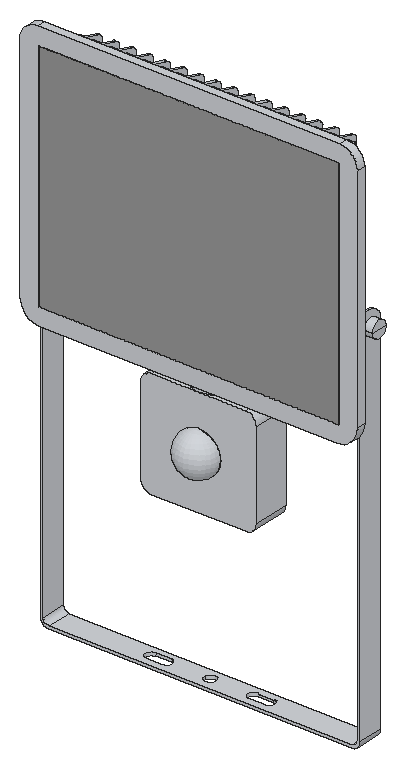
Revit family "SylFlood - 46W - PIR - Copy", category Lighting Fixtures, Revit 2017
Family settings
  Round Connector Dimension = Use Diameter
  Part Type = Normal
  OmniClass Number = 23.80.70.00
  OmniClass Title = Lighting
  Work Plane-Based = No
  Always vertical = Yes
  Cut with Voids When Loaded = No
  Light Source = Yes
  Shared = No
  Room Calculation Point = No
Parameters (values of type "0047124 SYLFLOOD IP54 PIR 4650LM 830 BLACK")
  Weight = "4.8 kg"
  Wattage = 46 W
  WarrantyStartDate [instance] = "n/a"
  WarrantyGuarantorParts = "n/a"
  WarrantyDurationUnit = "n/a"
  WarrantyDurationParts = "n/a"
  WarrantyDescription = "n/a"
  built-in parameter 1150110 = 1 (stored number, unit not read)
  Voltage = 0 V
  URL = "http://www.sylvania-lighting.com"
  TypeName = "SylFlood IP54 PIR 4650LM 830 Black"
  built-in parameter 1114217 = 1 (stored number, unit not read)
  Tilt Angle = 0.00°
  built-in parameter 1150109 = 1 (stored number, unit not read)
  built-in parameter 1150134 = (empty or 0)
  built-in parameter 1150113 = 1 (stored number, unit not read)
  SerialNumber [instance] = "n/a"
  PowerFactor = 0.9
  PowerConsumption = "46 W"
  Photometric Web File = "0047124.ies"
  NominalWidth = 0 mm
  NominalLength = 235 mm
  NominalHeight = 58 mm
  Name = "SylFlood IP54 PIR 4650LM 830 Black"
  ModelReference = "SylFlood IP54 PIR 4650LM 830 Black"
  ModelNumber = "0047124"
  Model = "SylFlood IP54 PIR 4650LM 830 Black"
  Material_4_FEILO = none
  Material_3_FEILO = none
  Material_2_FEILO = Default New Material
  Material_1_FEILO = none
  Material = "n/a"
  ManufacturerName = "Feilo Sylvania"
  Manufacturer = "Feilo Sylvania"
  LuminousEfficacy = "101 lm/W"
  Lumens = 4646 lm
  LuminaireType = ""
  built-in parameter 1150115 = 1 (stored number, unit not read)
  built-in parameter 1150105 = -7809833.1 (stored number, unit not read)
  LightOutputRatio = "n/a"
  built-in parameter 1150137 = (empty or 0)
  built-in parameter 1150139 = (empty or 0)
  LampsType = "LED"
  LampNominalLuminous = "4650 lm"
  LampMacAdamStep = "5"
  LampColourTemperature = "3000 K"
  LampColourRenderingIndex = "80"
  built-in parameter 1150112 = 1 (stored number, unit not read)
  built-in parameter 1150114 = 1 (stored number, unit not read)
  Lamp = "LED"
  LUM_WIDTH_SYL = 93.5 mm  # constant formula
  LUM_HEIGHT_SYL = 74.5 mm  # constant formula
  LUM_EXTR_ST_SYL = -5 mm
  LUM_EXTR_END_SYL = 0 mm
  LUM_DEPTH_SYL = 30 mm
  Keynote = "16500"
  InstallationDate [instance] = "n/a"
  InputVoltage = "n/a"
  InputNominalFrequency = "n/a"
  built-in parameter 1150132 = 2
  built-in parameter 1150102 = (empty or 0)
  built-in parameter 1150138 = (empty or 0)
  built-in parameter 1150107 = 3000 (stored number, unit not read)
  IngressProtection = "IP54"
  ImpactProtectionIndex = "IK06"
  built-in parameter 1150106 = -78098.3 (stored number, unit not read)
  IfcExportType = "IfcLightFixtureType"
  IfcExportAs = "IfcLightFixtureType"
  ElectricShockClassification = "Class I"
  built-in parameter 1150104 = 9.3832 (stored number, unit not read)
  DocumentationLiterature = "http://www.sylvania-lighting.com/product/en-int/products/0047124"
  DimmingControlOptions = "n/a"
  Dimming Lamp Color Temperature Shift = <None>
  DIF_WIDTH_SYL = 83 mm  # constant formula
  DIF_HEIGHT_SYL = 65 mm  # constant formula
  CreatedOn = "44168"
  CreatedBy = "@sylvania-lighting.com"
  Color Filter = 16777215
  ClassificationValue = "EF_70_80"
  ClassificationName = "Uniclass2015"
  CABLE_SIDE_DIST_SYL = 47 mm
  CABLE_LENGTH_SYL = 5 mm
  CABLE_FRONT_DIST_SYL = 17.5 mm
  CABLES_DIST_SYL = 93 mm
  BarCode [instance] = "n/a"
  built-in parameter 1114218 = 1 (stored number, unit not read)
  B_RAIL_R_DIST_SYL = 7 mm
  B_RAIL_HEIGHT_SYL = 27 mm
  B_RAIL_DEPTH_SYL = 44 mm
  B_RAIL_CHAMFER_SYL = 7 mm
  BRACKET_HOLDER_WIDTH_SYL = 12 mm
  BRACKET_HOLDER_HEIGHT_SYL = 17 mm
  BRACKET_HOLDER_DIST_SIDE_SYL = 2.8 mm
  BRACKET_HOLDER_DIST_BOTT_SYL = 48 mm
  BRACKET_HOLDER_DEPTH_SYL = 5.7 mm
  BOX_WIDTH_SYL = 76.5 mm
  BOX_TOP_DIST_SYL = 10.5 mm
  BOX_DEPTH_SYL = 14 mm
  BOX_BOTT_DIST_SYL = 28 mm
  BACK_RAIL_WIDTH_SYL = 1.4 mm
  BACK_RAIL_SIDE_DIST_SYL = 19 mm
  BACK_PL_EXTR_ST_SYL = -6 mm
  BACK_PL_EXTR_ST(-1)_SYL = BACK_PL_EXTR_ST_SYL * (-1)  # 6 mm
  BACK_PL_EXTR_END_SYL = -3 mm
  BACK_PL_EXTR_END(-1)_SYL = BACK_PL_EXTR_END_SYL * (-1)  # 3 mm
  built-in parameter 1150133 = 10 (stored number, unit not read)
  AssetType = "Fixed"
  AssetIdentifier [instance] = "n/a"
  Assembly Code = "D5020200"
  Apparent Load = 46 VA
  0_18W_SYL = yes
Types (2, lengths in mm): name | TypeName | built-in parameter 1150134 | Photometric Web File | Name | ModelReference | ModelNumber | Model | LuminousEfficacy | Lumens | built-in parameter 1150105 | LampNominalLuminous | LampColourTemperature | built-in parameter 1150107 | built-in parameter 1150106 | built-in parameter 1150104 | DocumentationLiterature
  0047125 SYLFLOOD IP54 PIR 5000LM 840 BLACK | "SylFlood IP54 PIR 5000LM 840 Black" | 12 | "0047125.ies" | "SylFlood IP54 PIR 5000LM 840 Black" | "SylFlood IP54 PIR 5000LM 840 Black" | "0047125" | "SylFlood IP54 PIR 5000LM 840 Black" | "109 lm/W" | 5014 lm | -9062805 (stored number, unit not read) | "5000 lm" | "4000 K" | 4000 (stored number, unit not read) | -90628.1 (stored number, unit not read) | 10.126 (stored number, unit not read) | "http://www.sylvania-lighting.com/product/en-int/products/0047125"
  0047124 SYLFLOOD IP54 PIR 4650LM 830 BLACK | "SylFlood IP54 PIR 4650LM 830 Black" | (empty or 0) | "0047124.ies" | "SylFlood IP54 PIR 4650LM 830 Black" | "SylFlood IP54 PIR 4650LM 830 Black" | "0047124" | "SylFlood IP54 PIR 4650LM 830 Black" | "101 lm/W" | 4646 lm | -7809833.1 (stored number, unit not read) | "4650 lm" | "3000 K" | 3000 (stored number, unit not read) | -78098.3 (stored number, unit not read) | 9.3832 (stored number, unit not read) | "http://www.sylvania-lighting.com/product/en-int/products/0047124"
Reference planes
  plane 1 "Light Source Axis (F/B)": y = 0
  plane 2: z = 0
  plane 3 "Light Source Axis (L/R)": x = 0
  plane 4 "Light Source Elevation": z = -0.469
  plane 5: x = 93.5
  plane 6: x = -93.5
  plane 7: z = 74.5
  plane 8: z = -74.5
  plane 9: x = 83
  plane 10: x = -83
  plane 11: z = 65
  plane 12: z = -65
  plane 13: y = 6
  plane 14: y = 3
  plane 15: x = -76.5
  plane 16: x = 76.5
  plane 17: y = 20
  plane 18: z = 64
  plane 19: z = -46.5
  plane 20: y = 30
  plane 21: z = -26.5
  plane 22: z = -14.5
  plane 23: y = 21
  plane 24: x = 54.2
  plane 25: x = 39.5
  plane 26: x = 46.5
  plane 27: x = -46.5
  plane 28: y = 14
  plane 29: z = -38
  plane 30: y = 27
  plane 31: z = -2.5
  plane 32: z = -9.5
  plane 33: x = 74.5
  plane 34: x = 73.1
  plane 35: x = 66.1
  plane 36: x = 20.8
  plane 37: x = 13.8
  plane 38: x = 12.4
  plane 39: x = 5.4
  plane 40: x = 4
  plane 41: z = -50.4
  plane 42: x = -71.3
  plane 43: x = -69.7
  plane 44: x = 87.1
  plane 45: x = 80.1
  plane 46: z = -76.1
Forms (mm)
  Extrusion 1, solid
    sketch origin (0, 0, 0) x (1, 0, 0) y (0, 0, 1)
      loop
        arc (-83.5, 74.5) -> (-90.571, 71.571) -> (-93.5, 64.5) r 10
        line (-93.5, 64.5) -> (-93.5, -63)
        arc (-93.5, -63) -> (-90.132, -71.132) -> (-82, -74.5) r 11.5
        line (-82, -74.5) -> (82, -74.5)
        arc (82, -74.5) -> (90.132, -71.132) -> (93.5, -63) r 11.5
        line (93.5, -63) -> (93.5, 64.5)
        arc (93.5, 64.5) -> (90.571, 71.571) -> (83.5, 74.5) r 10
        line (83.5, 74.5) -> (-83.5, 74.5)
      loop
        line (-83, 65) -> (-83, -65) -> (83, -65) -> (83, 65) -> (-83, 65)
    from -5 <- "LUM_EXTR_ST_SYL" to 0 <- "LUM_EXTR_END_SYL"
  Extrusion 2, solid, material "Default New Material" <- "Material_2_FEILO"
    sketch origin (0, 0, 0) x (1, 0, 0) y (0, 0, 1)
      loop
        line (-83, 65) -> (-83, -65) -> (83, -65) -> (83, 65) -> (-83, 65)
    from -3 <- "BACK_PL_EXTR_END_SYL" to 0 <- "LUM_EXTR_END_SYL"
  Extrusion 3, solid
    sketch origin (0, 0, 0) x (1, 0, 0) y (0, 0, 1)
      loop
        line (83, 65) -> (-83, 65) -> (-83, -65) -> (83, -65) -> (83, 65)
    from -6 <- "BACK_PL_EXTR_ST_SYL" to -3 <- "BACK_PL_EXTR_END_SYL"
  Extrusion 4, solid
    sketch origin (0, 0, 0) x (1, 0, 0) y (0, 1, 0)
      loop
        arc (-75.5, 20) -> (-76.207, 19.707) -> (-76.5, 19) r 1
        line (-76.5, 19) -> (-76.5, 6) -> (76.5, 6) -> (76.5, 19)
        arc (76.5, 19) -> (76.207, 19.707) -> (75.5, 20) r 1
        line (75.5, 20) -> (-75.5, 20)
    from -46.5 to 64
  Extrusion 5, solid
    sketch origin (0, 0, 0) x (1, 0, 0) y (0, 1, 0)
      loop
        arc (-66.5, 30) -> (-73.571, 27.071) -> (-76.5, 20) r 10
        line (-76.5, 20) -> (-76.5, 6) -> (76.5, 6) -> (76.5, 20)
        arc (76.5, 20) -> (73.571, 27.071) -> (66.5, 30) r 10
        line (66.5, 30) -> (-66.5, 30)
    from -65 to -46.5
  Extrusion 6, solid
    sketch origin (0, 0, 0) x (0, 1, 0) y (0, 0, 1)
      loop
        line (5, -14.5) -> (5, -26.5) -> (15, -26.5)
        arc (15, -26.5) -> (19.243, -24.743) -> (21, -20.5) r 6
        arc (21, -20.5) -> (19.243, -16.257) -> (15, -14.5) r 6
        line (15, -14.5) -> (5, -14.5)
      loop
        circle (15, -20.5) r 2.5
    from 80.1 to 87.1
  Extrusion 7, solid
    sketch origin (0, 0, 0) x (1, 0, 0) y (0, 1, 0)
      loop
        circle (-46.5, 14) r 7
      loop
        circle (46.5, 14) r 9
    from -59.1 to -76.1
  Extrusion 8, solid
    sketch origin (75.017, 5.639, -10.469) x (0, 1, 0) y (0, 0, 1)
      loop
        line (-0.625, -36.469) -> (21.299, -36.469) -> (21.299, 71.149)
        arc (21.299, 71.149) -> (20.908, 73.206) -> (19.238, 74.469) r 2.911
        line (19.238, 74.469) -> (-0.625, 80.168) -> (-0.625, 15.688) -> (-0.625, -36.469)
    from -146.317 to -144.717
  Extrusion 9, solid
    sketch origin (-75.017, 5.639, -10.469) x (0, 1, 0) y (0, 0, -1)
      loop
        line (-0.625, 36.469) -> (-0.625, -15.688) -> (-0.625, -80.168) -> (19.238, -74.469)
        arc (19.238, -74.469) -> (20.908, -73.206) -> (21.299, -71.149) r 2.911
        line (21.299, -71.149) -> (21.299, 36.469) -> (-0.625, 36.469)
    from -146.317 to -144.717
  Extrusion 10, solid
    sketch origin (216.017, 5.639, -10.469) x (0, 1, 0) y (0, 0, 1)
      loop
        line (-0.625, -36.469) -> (21.299, -36.469) -> (21.299, 71.149)
        arc (21.299, 71.149) -> (20.908, 73.206) -> (19.238, 74.469) r 2.911
        line (19.238, 74.469) -> (-0.625, 80.168) -> (-0.625, 15.688) -> (-0.625, -36.469)
    from -146.317 to -144.717
  Extrusion 11, solid
    sketch origin (84.417, 5.639, -10.469) x (0, 1, 0) y (0, 0, 1)
      loop
        line (-0.625, -36.469) -> (21.299, -36.469) -> (21.299, 71.149)
        arc (21.299, 71.149) -> (20.908, 73.206) -> (19.238, 74.469) r 2.911
        line (19.238, 74.469) -> (-0.625, 80.168) -> (-0.625, 15.688) -> (-0.625, -36.469)
    from -146.317 to -144.717
  Extrusion 12, solid
    sketch origin (93.817, 5.639, -10.469) x (0, 1, 0) y (0, 0, 1)
      loop
        line (-0.625, -36.469) -> (21.299, -36.469) -> (21.299, 71.149)
        arc (21.299, 71.149) -> (20.908, 73.206) -> (19.238, 74.469) r 2.911
        line (19.238, 74.469) -> (-0.625, 80.168) -> (-0.625, 15.688) -> (-0.625, -36.469)
    from -146.317 to -144.717
  Extrusion 13, solid
    sketch origin (103.217, 5.639, -10.469) x (0, 1, 0) y (0, 0, 1)
      loop
        line (-0.625, -36.469) -> (21.299, -36.469) -> (21.299, 71.149)
        arc (21.299, 71.149) -> (20.908, 73.206) -> (19.238, 74.469) r 2.911
        line (19.238, 74.469) -> (-0.625, 80.168) -> (-0.625, 15.688) -> (-0.625, -36.469)
    from -146.317 to -144.717
  Extrusion 14, solid
    sketch origin (112.617, 5.639, -10.469) x (0, 1, 0) y (0, 0, 1)
      loop
        line (-0.625, -36.469) -> (21.299, -36.469) -> (21.299, 71.149)
        arc (21.299, 71.149) -> (20.908, 73.206) -> (19.238, 74.469) r 2.911
        line (19.238, 74.469) -> (-0.625, 80.168) -> (-0.625, 15.688) -> (-0.625, -36.469)
    from -146.317 to -144.717
  Extrusion 15, solid
    sketch origin (122.017, 5.639, -10.469) x (0, 1, 0) y (0, 0, 1)
      loop
        line (-0.625, -36.469) -> (21.299, -36.469) -> (21.299, 71.149)
        arc (21.299, 71.149) -> (20.908, 73.206) -> (19.238, 74.469) r 2.911
        line (19.238, 74.469) -> (-0.625, 80.168) -> (-0.625, 15.688) -> (-0.625, -36.469)
    from -146.317 to -144.717
  Extrusion 16, solid
    sketch origin (131.417, 5.639, -10.469) x (0, 1, 0) y (0, 0, 1)
      loop
        line (-0.625, -36.469) -> (21.299, -36.469) -> (21.299, 71.149)
        arc (21.299, 71.149) -> (20.908, 73.206) -> (19.238, 74.469) r 2.911
        line (19.238, 74.469) -> (-0.625, 80.168) -> (-0.625, 15.688) -> (-0.625, -36.469)
    from -146.317 to -144.717
  Extrusion 17, solid
    sketch origin (140.817, 5.639, -10.469) x (0, 1, 0) y (0, 0, 1)
      loop
        line (-0.625, -36.469) -> (21.299, -36.469) -> (21.299, 71.149)
        arc (21.299, 71.149) -> (20.908, 73.206) -> (19.238, 74.469) r 2.911
        line (19.238, 74.469) -> (-0.625, 80.168) -> (-0.625, 15.688) -> (-0.625, -36.469)
    from -146.317 to -144.717
  Extrusion 18, solid
    sketch origin (150.217, 5.639, -10.469) x (0, 1, 0) y (0, 0, 1)
      loop
        line (-0.625, -36.469) -> (21.299, -36.469) -> (21.299, 71.149)
        arc (21.299, 71.149) -> (20.908, 73.206) -> (19.238, 74.469) r 2.911
        line (19.238, 74.469) -> (-0.625, 80.168) -> (-0.625, 15.688) -> (-0.625, -36.469)
    from -146.317 to -144.717
  Extrusion 19, solid
    sketch origin (159.617, 5.639, -10.469) x (0, 1, 0) y (0, 0, 1)
      loop
        line (-0.625, -36.469) -> (21.299, -36.469) -> (21.299, 71.149)
        arc (21.299, 71.149) -> (20.908, 73.206) -> (19.238, 74.469) r 2.911
        line (19.238, 74.469) -> (-0.625, 80.168) -> (-0.625, 15.688) -> (-0.625, -36.469)
    from -146.317 to -144.717
  Extrusion 20, solid
    sketch origin (169.017, 5.639, -10.469) x (0, 1, 0) y (0, 0, 1)
      loop
        line (-0.625, -36.469) -> (21.299, -36.469) -> (21.299, 71.149)
        arc (21.299, 71.149) -> (20.908, 73.206) -> (19.238, 74.469) r 2.911
        line (19.238, 74.469) -> (-0.625, 80.168) -> (-0.625, 15.688) -> (-0.625, -36.469)
    from -146.317 to -144.717
  Extrusion 21, solid
    sketch origin (178.417, 5.639, -10.469) x (0, 1, 0) y (0, 0, 1)
      loop
        line (-0.625, -36.469) -> (21.299, -36.469) -> (21.299, 71.149)
        arc (21.299, 71.149) -> (20.908, 73.206) -> (19.238, 74.469) r 2.911
        line (19.238, 74.469) -> (-0.625, 80.168) -> (-0.625, 15.688) -> (-0.625, -36.469)
    from -146.317 to -144.717
  Extrusion 22, solid
    sketch origin (187.817, 5.639, -10.469) x (0, 1, 0) y (0, 0, 1)
      loop
        line (-0.625, -36.469) -> (21.299, -36.469) -> (21.299, 71.149)
        arc (21.299, 71.149) -> (20.908, 73.206) -> (19.238, 74.469) r 2.911
        line (19.238, 74.469) -> (-0.625, 80.168) -> (-0.625, 15.688) -> (-0.625, -36.469)
    from -146.317 to -144.717
  Extrusion 23, solid
    sketch origin (197.217, 5.639, -10.469) x (0, 1, 0) y (0, 0, 1)
      loop
        line (-0.625, -36.469) -> (21.299, -36.469) -> (21.299, 71.149)
        arc (21.299, 71.149) -> (20.908, 73.206) -> (19.238, 74.469) r 2.911
        line (19.238, 74.469) -> (-0.625, 80.168) -> (-0.625, 15.688) -> (-0.625, -36.469)
    from -146.317 to -144.717
  Extrusion 24, solid
    sketch origin (206.617, 5.639, -10.469) x (0, 1, 0) y (0, 0, 1)
      loop
        line (-0.625, -36.469) -> (21.299, -36.469) -> (21.299, 71.149)
        arc (21.299, 71.149) -> (20.908, 73.206) -> (19.238, 74.469) r 2.911
        line (19.238, 74.469) -> (-0.625, 80.168) -> (-0.625, 15.688) -> (-0.625, -36.469)
    from -146.317 to -144.717
  Extrusion 25, solid
    sketch origin (0, 0, 0) x (0, 1, 0) y (0, 0, -1)
      loop
        line (5, 14.5) -> (15, 14.5)
        arc (15, 14.5) -> (19.243, 16.257) -> (21, 20.5) r 6
        arc (21, 20.5) -> (19.243, 24.743) -> (15, 26.5) r 6
        line (15, 26.5) -> (5, 26.5) -> (5, 14.5)
      loop
        circle (15, 20.5) r 2.5
    from 80.1 to 87.1
Cuts and joins
  joined: Extrusion 1, Extrusion 3, Extrusion 4, Extrusion 5
Dimensions and locks
  "LUM_WIDTH_SYL": plane 5 to plane 3 "Light Source Axis (L/R)" to plane 6
  "LUM_HEIGHT_SYL": plane 7 to plane 2 to plane 8
  "DIF_WIDTH_SYL": plane 9 to plane 3 "Light Source Axis (L/R)" to plane 10
  "DIF_HEIGHT_SYL": plane 11 to plane 2 to plane 12
  "BACK_PL_EXTR_ST(-1)_SYL": plane 1 "Light Source Axis (F/B)" to plane 13
  "BACK_PL_EXTR_END(-1)_SYL": plane 1 "Light Source Axis (F/B)" to plane 14
  "BOX_WIDTH_SYL": plane 15 to plane 3 "Light Source Axis (L/R)" to plane 16
  "BOX_DEPTH_SYL": plane 13 to plane 17
  "BOX_TOP_DIST_SYL": plane 18 to plane 7
  "BOX_BOTT_DIST_SYL": plane 8 to plane 19
  "LUM_DEPTH_SYL": plane 1 "Light Source Axis (F/B)" to plane 20
  "BRACKET_HOLDER_DIST_BOTT_SYL": plane 21 to plane 8
  "BRACKET_HOLDER_WIDTH_SYL": plane 22 to plane 21
  cut or joined group of Extrusion 1, Extrusion 3, Extrusion 4, Extrusion 5 to plane 23 = 15 mm
  cut or joined group of Extrusion 1, Extrusion 3, Extrusion 4, Extrusion 5 to plane 24 = 39.3 mm
  plane 25 to plane 24 = 14.7 mm
  "CABLES_DIST_SYL": plane 27 to plane 26
  "CABLE_SIDE_DIST_SYL": plane 26 to plane 5
  cut or joined group of Extrusion 1, Extrusion 3, Extrusion 4, Extrusion 5 to plane 28 = 14 mm
  "B_RAIL_HEIGHT_SYL": plane 30 to plane 1 "Light Source Axis (F/B)"
  "B_RAIL_DEPTH_SYL": plane 31 to plane 19
  "B_RAIL_CHAMFER_SYL": plane 31 to plane 32
  "BACK_RAIL_SIDE_DIST_SYL": plane 5 to plane 33
  "BACK_RAIL_WIDTH_SYL": plane 33 to plane 34
  "B_RAIL_R_DIST_SYL": plane 34 to plane 35
  "B_RAIL_R_DIST_SYL": plane 36 to plane 37
  "BACK_RAIL_WIDTH_SYL": plane 37 to plane 38
  "BACK_RAIL_WIDTH_SYL": plane 39 to plane 40
  "B_RAIL_R_DIST_SYL": plane 38 to plane 39
  plane 35 to plane 26 = 19.6 mm
  equal spacing: group 1, group 3, group 4, group 5, group 6, group 7, group 8, group 9, group 10, group 11, group 12, group 13, group 14, group 15, group 16, group 2  (x3)
  aligned and locked: plane 4 "Light Source Elevation" to imposter light
  aligned and locked: level to plane 2
  aligned and locked: Extrusion 1 sketch curve to plane 7
  aligned and locked: plane 6 to Extrusion 1 sketch curve
  aligned and locked: plane 8 to Extrusion 1 sketch curve
  aligned and locked: Extrusion 1 sketch curve to plane 5
  aligned and locked: Extrusion 1 sketch curve to plane 11
  aligned and locked: plane 10 to Extrusion 1 sketch curve
  aligned and locked: plane 12 to Extrusion 1 sketch curve
  aligned and locked: Extrusion 1 sketch curve to plane 9
  aligned and locked: Extrusion 2 sketch curve to Extrusion 1  (x4)
  aligned and locked: Extrusion 3 sketch curve to Extrusion 1  (x4)
  aligned and locked: Extrusion 3 to Extrusion 2
  aligned and locked: plane 17 to Extrusion 4 sketch curve
  aligned and locked: plane 15 to Extrusion 4 sketch curve
  aligned and locked: Extrusion 4 sketch curve to plane 13
  aligned and locked: Extrusion 4 sketch curve to plane 16
  aligned and locked: plane 18 to Extrusion 4
  aligned and locked: Extrusion 4 to plane 19
  aligned and locked: plane 20 to Extrusion 5 sketch curve
  aligned and locked: plane 15 to Extrusion 5 sketch curve
  aligned and locked: cut or joined group of Extrusion 1, Extrusion 3, Extrusion 4, Extrusion 5 to Extrusion 5 sketch curve
  aligned and locked: Extrusion 5 sketch curve to cut or joined group of Extrusion 1, Extrusion 3, Extrusion 4, Extrusion 5
  aligned and locked: plane 19 to Extrusion 5
  aligned and locked: Extrusion 5 to plane 12
  aligned and locked: Extrusion 6 sketch curve to plane 22
  aligned and locked: plane 21 to Extrusion 6 sketch curve
  aligned and locked: Extrusion 6 to cut or joined group of Extrusion 1, Extrusion 3, Extrusion 4, Extrusion 5
  aligned and locked: Extrusion 8 to plane 42
  aligned and locked: Extrusion 8 to plane 43
  aligned and locked: Extrusion 6 to plane 44
  aligned and locked: plane 45 to Extrusion 6
  aligned and locked: Extrusion 7 to plane 46
Automatic sketch dimensions
  Extrusion 8 sketch curve to Extrusion 8 sketch curve = 19.06 mm
  Extrusion 8 sketch curve to Extrusion 8 sketch curve = 0.803 mm
  Extrusion 8 sketch curve to Extrusion 8 sketch curve = 21.924 mm
  Extrusion 8 sketch curve to Extrusion 8 sketch curve = 52.156 mm
  Extrusion 8 sketch curve to Extrusion 8 sketch curve = 55.461 mm
  Extrusion 8 sketch curve to Extrusion 8 sketch curve = 0.521 mm
  Extrusion 10 sketch curve to Extrusion 10 sketch curve = 19.06 mm
  Extrusion 10 sketch curve to Extrusion 10 sketch curve = 0.803 mm
  Extrusion 10 sketch curve to Extrusion 10 sketch curve = 21.924 mm
  Extrusion 10 sketch curve to Extrusion 10 sketch curve = 52.156 mm
  Extrusion 10 sketch curve to Extrusion 10 sketch curve = 55.461 mm
  Extrusion 10 sketch curve to Extrusion 10 sketch curve = 0.521 mm
  Extrusion 11 sketch curve to Extrusion 11 sketch curve = 19.06 mm
  Extrusion 11 sketch curve to Extrusion 11 sketch curve = 0.803 mm
  Extrusion 11 sketch curve to Extrusion 11 sketch curve = 21.924 mm
  Extrusion 11 sketch curve to Extrusion 11 sketch curve = 52.156 mm
  Extrusion 11 sketch curve to Extrusion 11 sketch curve = 55.461 mm
  Extrusion 11 sketch curve to Extrusion 11 sketch curve = 0.521 mm
  Extrusion 12 sketch curve to Extrusion 12 sketch curve = 19.06 mm
  Extrusion 12 sketch curve to Extrusion 12 sketch curve = 0.803 mm
  Extrusion 12 sketch curve to Extrusion 12 sketch curve = 21.924 mm
  Extrusion 12 sketch curve to Extrusion 12 sketch curve = 52.156 mm
  Extrusion 12 sketch curve to Extrusion 12 sketch curve = 55.461 mm
  Extrusion 12 sketch curve to Extrusion 12 sketch curve = 0.521 mm
  Extrusion 13 sketch curve to Extrusion 13 sketch curve = 19.06 mm
  Extrusion 13 sketch curve to Extrusion 13 sketch curve = 0.803 mm
  Extrusion 13 sketch curve to Extrusion 13 sketch curve = 21.924 mm
  Extrusion 13 sketch curve to Extrusion 13 sketch curve = 52.156 mm
  Extrusion 13 sketch curve to Extrusion 13 sketch curve = 55.461 mm
  Extrusion 13 sketch curve to Extrusion 13 sketch curve = 0.521 mm
  Extrusion 14 sketch curve to Extrusion 14 sketch curve = 19.06 mm
  Extrusion 14 sketch curve to Extrusion 14 sketch curve = 0.803 mm
  Extrusion 14 sketch curve to Extrusion 14 sketch curve = 21.924 mm
  Extrusion 14 sketch curve to Extrusion 14 sketch curve = 52.156 mm
  Extrusion 14 sketch curve to Extrusion 14 sketch curve = 55.461 mm
  Extrusion 14 sketch curve to Extrusion 14 sketch curve = 0.521 mm
  Extrusion 15 sketch curve to Extrusion 15 sketch curve = 19.06 mm
  Extrusion 15 sketch curve to Extrusion 15 sketch curve = 0.803 mm
  Extrusion 15 sketch curve to Extrusion 15 sketch curve = 21.924 mm
  Extrusion 15 sketch curve to Extrusion 15 sketch curve = 52.156 mm
  Extrusion 15 sketch curve to Extrusion 15 sketch curve = 55.461 mm
  Extrusion 15 sketch curve to Extrusion 15 sketch curve = 0.521 mm
  Extrusion 16 sketch curve to Extrusion 16 sketch curve = 19.06 mm
  Extrusion 16 sketch curve to Extrusion 16 sketch curve = 0.803 mm
  Extrusion 16 sketch curve to Extrusion 16 sketch curve = 21.924 mm
  Extrusion 16 sketch curve to Extrusion 16 sketch curve = 52.156 mm
  Extrusion 16 sketch curve to Extrusion 16 sketch curve = 55.461 mm
  Extrusion 16 sketch curve to Extrusion 16 sketch curve = 0.521 mm
  Extrusion 17 sketch curve to Extrusion 17 sketch curve = 19.06 mm
  Extrusion 17 sketch curve to Extrusion 17 sketch curve = 0.803 mm
  Extrusion 17 sketch curve to Extrusion 17 sketch curve = 21.924 mm
  Extrusion 17 sketch curve to Extrusion 17 sketch curve = 52.156 mm
  Extrusion 17 sketch curve to Extrusion 17 sketch curve = 55.461 mm
  Extrusion 17 sketch curve to Extrusion 17 sketch curve = 0.521 mm
  Extrusion 18 sketch curve to Extrusion 18 sketch curve = 19.06 mm
  Extrusion 18 sketch curve to Extrusion 18 sketch curve = 0.803 mm
  Extrusion 18 sketch curve to Extrusion 18 sketch curve = 21.924 mm
  Extrusion 18 sketch curve to Extrusion 18 sketch curve = 52.156 mm
  Extrusion 18 sketch curve to Extrusion 18 sketch curve = 55.461 mm
  Extrusion 18 sketch curve to Extrusion 18 sketch curve = 0.521 mm
  Extrusion 19 sketch curve to Extrusion 19 sketch curve = 19.06 mm
  Extrusion 19 sketch curve to Extrusion 19 sketch curve = 0.803 mm
  Extrusion 19 sketch curve to Extrusion 19 sketch curve = 21.924 mm
  Extrusion 19 sketch curve to Extrusion 19 sketch curve = 52.156 mm
  Extrusion 19 sketch curve to Extrusion 19 sketch curve = 55.461 mm
  Extrusion 19 sketch curve to Extrusion 19 sketch curve = 0.521 mm
  Extrusion 20 sketch curve to Extrusion 20 sketch curve = 19.06 mm
  Extrusion 20 sketch curve to Extrusion 20 sketch curve = 0.803 mm
  Extrusion 20 sketch curve to Extrusion 20 sketch curve = 21.924 mm
  Extrusion 20 sketch curve to Extrusion 20 sketch curve = 52.156 mm
  Extrusion 20 sketch curve to Extrusion 20 sketch curve = 55.461 mm
  Extrusion 20 sketch curve to Extrusion 20 sketch curve = 0.521 mm
  Extrusion 21 sketch curve to Extrusion 21 sketch curve = 19.06 mm
  Extrusion 21 sketch curve to Extrusion 21 sketch curve = 0.803 mm
  Extrusion 21 sketch curve to Extrusion 21 sketch curve = 21.924 mm
  Extrusion 21 sketch curve to Extrusion 21 sketch curve = 52.156 mm
  Extrusion 21 sketch curve to Extrusion 21 sketch curve = 55.461 mm
  Extrusion 21 sketch curve to Extrusion 21 sketch curve = 0.521 mm
  Extrusion 22 sketch curve to Extrusion 22 sketch curve = 19.06 mm
  Extrusion 22 sketch curve to Extrusion 22 sketch curve = 0.803 mm
  Extrusion 22 sketch curve to Extrusion 22 sketch curve = 21.924 mm
  Extrusion 22 sketch curve to Extrusion 22 sketch curve = 52.156 mm
  Extrusion 22 sketch curve to Extrusion 22 sketch curve = 55.461 mm
  Extrusion 22 sketch curve to Extrusion 22 sketch curve = 0.521 mm
  Extrusion 23 sketch curve to Extrusion 23 sketch curve = 19.06 mm
  Extrusion 23 sketch curve to Extrusion 23 sketch curve = 0.803 mm
  Extrusion 23 sketch curve to Extrusion 23 sketch curve = 21.924 mm
  Extrusion 23 sketch curve to Extrusion 23 sketch curve = 52.156 mm
  Extrusion 23 sketch curve to Extrusion 23 sketch curve = 55.461 mm
  Extrusion 23 sketch curve to Extrusion 23 sketch curve = 0.521 mm
  Extrusion 24 sketch curve to Extrusion 24 sketch curve = 19.06 mm
  Extrusion 24 sketch curve to Extrusion 24 sketch curve = 0.803 mm
  Extrusion 24 sketch curve to Extrusion 24 sketch curve = 21.924 mm
  Extrusion 24 sketch curve to Extrusion 24 sketch curve = 52.156 mm
  Extrusion 24 sketch curve to Extrusion 24 sketch curve = 55.461 mm
  Extrusion 24 sketch curve to Extrusion 24 sketch curve = 0.521 mm
  Extrusion 1 sketch curve to plane 10 = 0.5 mm
  plane 10 to Extrusion 1 sketch curve = 1 mm
  Extrusion 1 sketch curve to plane 9 = 1 mm
  plane 9 to Extrusion 1 sketch curve = 0.5 mm
  plane 15 to Extrusion 4 sketch curve = 1 mm
  Extrusion 4 sketch curve to plane 16 = 1 mm
  Extrusion 5 sketch curve to plane 15 = 0 mm
  plane 17 to Extrusion 5 sketch curve = 0 mm  (x2)
  Extrusion 6 sketch curve to Extrusion 6 sketch curve = 0 mm  (x5)
  Extrusion 6 sketch curve to plane 23 = 0 mm
  plane 13 to Extrusion 6 sketch curve = 1 mm
  Extrusion 7 sketch curve to plane 27 = 0 mm
  Extrusion 7 sketch curve to plane 26 = 0 mm
  Extrusion 7 sketch curve to plane 28 = 0 mm  (x2)
  Extrusion 9 sketch curve to plane 18 = 0 mm
  Extrusion 9 sketch curve to plane 19 = 0.438 mm
  plane 13 to Extrusion 9 sketch curve = 0.986 mm
  plane 30 to Extrusion 9 sketch curve = 2.927 mm
  plane 30 to Extrusion 9 sketch curve = 2.124 mm
  plane 30 to Extrusion 9 sketch curve = 0.062 mm
  Extrusion 9 sketch curve to plane 7 = 4.801 mm
  level to Extrusion 9 sketch curve = 5.219 mm
  Extrusion 25 sketch curve to Extrusion 25 sketch curve = 0 mm  (x6)
  Extrusion 25 sketch curve to plane 21 = 0 mm
  Extrusion 25 sketch curve to plane 22 = 0 mm
  Extrusion 25 sketch curve to plane 23 = 0 mm
  plane 13 to Extrusion 25 sketch curve = 1 mm
  radius of Extrusion 6 sketch curve = 2.5 mm
  radius of Extrusion 7 sketch curve = 7 mm
  radius of Extrusion 7 sketch curve = 9 mm
  radius of Extrusion 25 sketch curve = 2.5 mm
Nested families
  nested 1: "START Flood Flat - 45W_bracket - PIR" at (0, 15, -191.041), type "START Flood Flat - 45W_bracket - PIR"
  nested 2: "bolt" at (88.6, 15, -20.541), type "bolt"
  nested 3: "bolt" at (-88.6, 15, -20.541) x (-1, 0, 0) z (0, 0, 1), type "bolt"
  nested 4: "PIR" at (0, 6.989, -111.015) x (-1, 0, 0) z (0, 0, 1), type "PIR"
Definition of nested family "START Flood Flat - 45W_bracket - PIR"
  Parameters (values of type "START Flood Flat - 45W_bracket - PIR")
    WIDTH_SYL = 177.2 mm
    THICKNESS_SYL = 1.5 mm
    Material_4_SYL = none
    Material_3_SYL = none
    Material_2_SYL = none
    Material_1_SYL = none
    HOLE_DIST_SYL = 8.5 mm
    HOLE2_DIST_SYL = 8 mm
    HEIGHT_SYL = 216 mm
    HALF_SYL = WIDTH_SYL / 2  # 88.6 mm
    FILLET_SYL = 7 mm
    DEPTH_2_SYL = -7 mm
    DEPTH_1_SYL = 7 mm
    CUTOUT_DIST_SYL = 24.2 mm
  Reference planes
    plane 1 "Center (Front/Back)": y = 0
    plane 2: z = 0
    plane 3 "Center (Left/Right)": x = 0
    plane 4: x = -88.6
    plane 5: x = 88.6
    plane 6: z = -37.5
    plane 7: z = 178.5
    plane 8: x = -87.1
    plane 9: z = -36
    plane 10: x = 87.1
    plane 11: z = 170.5
    plane 12: z = 171.5
    plane 13: x = 24.2
    plane 14: x = -24.2
    plane 15: x = 32.7
    plane 16: x = -32.7
  Forms (mm)
    Extrusion 1, solid
      sketch origin (0, 0, 0) x (1, 0, 0) y (0, 0, 1)
        loop
          arc (-88.6, -33) -> (-87.282, -36.182) -> (-84.1, -37.5) r 4.5
          line (-84.1, -37.5) -> (84.1, -37.5)
          arc (84.1, -37.5) -> (87.282, -36.182) -> (88.6, -33) r 4.5
          line (88.6, -33) -> (88.6, 178.5) -> (87.1, 178.5) -> (87.1, -33)
          arc (87.1, -33) -> (86.221, -35.121) -> (84.1, -36) r 3
          line (84.1, -36) -> (-84.1, -36)
          arc (-84.1, -36) -> (-86.221, -35.121) -> (-87.1, -33) r 3
          line (-87.1, -33) -> (-87.1, 178.5) -> (-88.6, 178.5) -> (-88.6, -33)
      from -7 <- "DEPTH_2_SYL" to 7 <- "DEPTH_1_SYL"
    Extrusion 2, void
      sketch origin (0, 0, 0) x (0, 1, 0) y (0, 0, 1)
        loop
          circle (0, 170.5) r 3.15
      from -88.6 to 88.6
    Extrusion 3, void
      sketch origin (0, 0, 0) x (0, 1, 0) y (0, 0, 1)
        loop
          line (7, 171.5) -> (14.83, 184.08) -> (-15.17, 184.08) -> (-7, 171.5)
          arc (-7, 171.5) -> (-4.95, 176.45) -> (0, 178.5) r 7
          arc (0, 178.5) -> (4.95, 176.45) -> (7, 171.5) r 7
      from -88.6 to 88.6
    Extrusion 4, void
      sketch origin (0, 0, 0) x (1, 0, 0) y (0, 1, 0)
        loop
          circle (0, 0) r 3.25
        loop
          arc (-32.7, 3.25) -> (-35.95, 0) -> (-32.7, -3.25) r 3.25
          line (-32.7, -3.25) -> (-24.2, -3.25)
          arc (-24.2, -3.25) -> (-20.95, 0) -> (-24.2, 3.25) r 3.25
          line (-24.2, 3.25) -> (-32.7, 3.25)
        loop
          line (24.2, -3.25) -> (32.7, -3.25)
          arc (32.7, -3.25) -> (35.95, 0) -> (32.7, 3.25) r 3.25
          line (32.7, 3.25) -> (24.2, 3.25)
          arc (24.2, 3.25) -> (20.95, 0) -> (24.2, -3.25) r 3.25
      from -54.767 to -28.006
  Cuts and joins
    Extrusion 2, Extrusion 3, Extrusion 4 cuts Extrusion 1
  Dimensions and locks
    "THICKNESS_SYL": plane 8 to plane 4
    "THICKNESS_SYL": plane 5 to plane 10
    "WIDTH_SYL": plane 5 to plane 4
    "HEIGHT_SYL": plane 7 to plane 6
    "FILLET_SYL": plane 7 to plane 12
    "CUTOUT_DIST_SYL": plane 14 to plane 3 "Center (Left/Right)" to plane 13
    "HOLE_DIST_SYL": plane 16 to plane 14
    "HOLE_DIST_SYL": plane 13 to plane 15
    "HOLE2_DIST_SYL": plane 7 to plane 11
    "HALF_SYL": plane 4 to plane 3 "Center (Left/Right)"
    aligned and locked: level to plane 2
    aligned and locked: plane 4 to Extrusion 1 sketch curve
    aligned and locked: plane 6 to Extrusion 1 sketch curve
    aligned and locked: Extrusion 1 sketch curve to plane 5
    aligned and locked: plane 8 to Extrusion 1 sketch curve
    aligned and locked: plane 9 to Extrusion 1 sketch curve
    aligned and locked: Extrusion 1 sketch curve to plane 10
    aligned and locked: plane 7 to Extrusion 1 sketch curve  (x2)
    aligned and locked: Extrusion 1 to Extrusion 2  (x2)
    aligned and locked: Extrusion 1 to Extrusion 3
    aligned and locked: Extrusion 3 to Extrusion 1
  Automatic sketch dimensions
    Extrusion 1 sketch curve to Extrusion 1 sketch curve = 0 mm
    plane 8 to Extrusion 1 sketch curve = 3 mm
    Extrusion 1 sketch curve to plane 10 = 3 mm
    Extrusion 1 sketch curve to Extrusion 1 sketch curve = 3 mm
    Extrusion 2 sketch curve to plane 1 "Center (Front/Back)" = 0 mm
    Extrusion 2 sketch curve to plane 11 = 0 mm
    Extrusion 3 sketch curve to Extrusion 3 sketch curve = 0 mm
    Extrusion 3 sketch curve to plane 12 = 0 mm
    Extrusion 3 sketch curve to plane 1 "Center (Front/Back)" = 0 mm
    Extrusion 3 sketch curve to plane 7 = 0 mm
    Extrusion 3 sketch curve to Extrusion 3 sketch curve = 8.17 mm
    plane 7 to Extrusion 3 sketch curve = 5.58 mm
    Extrusion 3 sketch curve to Extrusion 3 sketch curve = 7.83 mm
    plane 1 "Center (Front/Back)" to Extrusion 4 sketch curve = 0 mm  (x3)
    Extrusion 4 sketch curve to plane 16 = 0 mm
    Extrusion 4 sketch curve to plane 14 = 0 mm
    Extrusion 4 sketch curve to plane 3 "Center (Left/Right)" = 0 mm
    Extrusion 4 sketch curve to plane 13 = 0 mm
    Extrusion 4 sketch curve to plane 15 = 0 mm
    plane 1 "Center (Front/Back)" to Extrusion 4 sketch curve = 3.25 mm  (x2)
    radius of Extrusion 2 sketch curve = 3.15 mm
    radius of Extrusion 4 sketch curve = 3.25 mm
Definition of nested family "bolt"
  Parameters (values of type "bolt")
    Material_4_SYL = none
    Material_3_SYL = none
    Material_2_SYL = none
    Material_1_SYL = none
  Reference planes
    plane 1 "Center (Front/Back)": y = 0
    plane 2: z = 0
    plane 3 "Center (Left/Right)": x = 0
    plane 4: x = 5
    plane 5: x = -10
    plane 6: y = 2.5
    plane 7: y = -2.5
    plane 8: y = 4.5
    plane 9: y = -4.5
  Forms (mm)
    Revolve 1, solid
      sketch origin (0, 0, 0) x (1, 0, 0) y (0, 1, 0)
        loop
          line (5, 0) -> (-10, 0) -> (-10, -2.5) -> (0, -2.5) -> (0, -4.5) -> (5, -4.5) -> (5, 0)
        axis (5, 0) -> (-10, 0)
      angle from 0 to 360
  Dimensions and locks
    aligned and locked: level to plane 2
Definition of nested family "PIR"
  Parameters (values of type "PIR")
    Material_4_SYL = none
    Material_3_SYL = none
    Material_2_SYL = none
    Material_1_SYL = none
  Reference planes
    plane 1 "Center (Front/Back)": y = 0
    plane 2: z = 0
    plane 3 "Center (Left/Right)": x = 0
    plane 4: z = -30
    plane 5: z = 30
    plane 6: x = 32
    plane 7: x = -32
    plane 8: x = 12
    plane 9: z = 12
    plane 10: z = -12
    plane 11: z = 46
    plane 12: x = 10
    plane 13: y = -10
  Forms (mm)
    Extrusion 1, solid
      sketch origin (0, 0, 0) x (1, 0, 0) y (0, 0, 1)
        loop
          arc (-26, 30) -> (-30.243, 28.243) -> (-32, 24) r 6
          line (-32, 24) -> (-32, -24)
          arc (-32, -24) -> (-30.243, -28.243) -> (-26, -30) r 6
          line (-26, -30) -> (26, -30)
          arc (26, -30) -> (30.243, -28.243) -> (32, -24) r 6
          line (32, -24) -> (32, 24)
          arc (32, 24) -> (30.243, 28.243) -> (26, 30) r 6
          line (26, 30) -> (-26, 30)
      from 0 to 20
    Revolve 2, solid
      sketch origin (0, 0, 0) x (1, 0, 0) y (0, 0, 1)
        loop
          line (0, 12) -> (0, -12)
          arc (0, -12) -> (12, 0) -> (0, 12) r 12
        axis (0, 12) -> (0, -12)
      angle from 0 to 360
    Extrusion 3, solid
      sketch origin (0, 0, 0) x (1, 0, 0) y (0, 1, 0)
        loop
          circle (0, -10) r 10
      from 30 to 46
  Dimensions and locks
    aligned and locked: level to plane 2
    aligned and locked: Extrusion 1 sketch curve to plane 5
    aligned and locked: plane 7 to Extrusion 1 sketch curve
    aligned and locked: plane 4 to Extrusion 1 sketch curve
    aligned and locked: Extrusion 1 sketch curve to plane 6
    aligned and locked: plane 3 "Center (Left/Right)" to Revolve 2 sketch curve
    aligned and locked: plane 10 to Revolve 2 sketch curve
    aligned and locked: Revolve 2 sketch curve to plane 3 "Center (Left/Right)"
    aligned and locked: plane 11 to Extrusion 3
    aligned and locked: Extrusion 3 to plane 5
